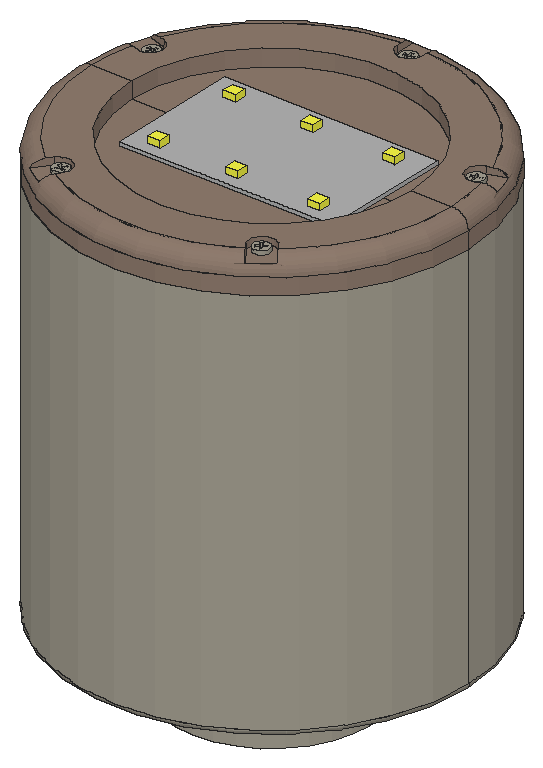
Revit family "LTV71", category Lighting Fixtures, host Face, Revit 2014
Parameters (values of type "LTV767NF/6L3KUV/NB")
  White Surface = Paint - Hubbell - White Texture
  Wattage Comments = "11W"
  Wattage = 11 W
  built-in parameter 1150110 = 1 (stored number, unit not read)
  Voltage = "120 to 277V"
  URL = "https://www.hubbell.com/hubbelllightingci/en/"
  Type Comments = "Lighting Fixture"  # constant formula
  built-in parameter 1114217 = 1 (stored number, unit not read)
  Tilt Angle = -90.00°
  built-in parameter 1150109 = 1 (stored number, unit not read)
  built-in parameter 1150134 = 3
  built-in parameter 1150113 = 1 (stored number, unit not read)
  Specification = "Energy efficient LED models\r\nBrass or aluminum housing for durability\r\nHex cell louver and prismatic spread lens options"  # constant formula
  Series = "In-grade/ Landscape "  # constant formula
  Product Page = "https://www.hubbell.com/hubbelllightingci/en/Products/Lighting-Controls/Commercial-Outdoor-Lighting/In-Grade/In-Grade-Minivault/p/248531"
  Power Factor = 1  # constant formula
  Photometric Web File = "ltv767nf-6led.ies"
  OmniClass Title = "Buried Uplights"  # constant formula
  OmniClass Number = "23-80 70 14 11 21"  # constant formula
  Number of Poles = 1
  Note Visible = yes
  Note Text = "LF"  # constant formula
  Model = "LTV767NF/6L3KUV/NB"  # constant formula
  Manufacturer = "KIM Lighting"  # constant formula
  built-in parameter 1150105 = 87.535 (stored number, unit not read)
  Lumens = 1100 lm
  built-in parameter 1150115 = 1 (stored number, unit not read)
  built-in parameter 1150137 = (empty or 0)
  built-in parameter 1150139 = (empty or 0)
  Lens Ring Material = Metal-Kim Lighting-Bronze
  built-in parameter 1150112 = 1 (stored number, unit not read)
  built-in parameter 1150114 = 1 (stored number, unit not read)
  Lamp = "LED"
  LED = Default Light Source
  built-in parameter 1150132 = (empty or 0)
  built-in parameter 1150102 = (empty or 0)
  built-in parameter 1150107 = 3200 (stored number, unit not read)
  built-in parameter 1150138 = (empty or 0)
  built-in parameter 1150106 = 0.87535 (stored number, unit not read)
  Emit from Circle Diameter = 5.000"
  Emit Shape Visible in Rendering = no
  Diameter = 6.000"
  Contact us = "https://www.hubbell.com/hubbelllightingci/en/contactUs?productId=248531"
  Composite Housing material = Plastic-Kim Lighting-Fiberglass
  Glass Material = Glass-Kim Lighting-Clear
  Full Load Current = 11 A
  Frequency = 60 Hz
  Finish = "Cast Bronze, Natural Finish"  # constant formula
  built-in parameter 1150104 = 9.2903 (stored number, unit not read)
  Dimming Lamp Color Temperature Shift = <None>
  Description = "Minivault incorporates more than 50 years of in-grade experience into every luminaire. A commitment to produce the most durable product possible is the core of the series, which now includes new low wattage pulse start metal halide lamps and LEDs expanding into residential applications."  # constant formula
  Default Elevation = 0.000"
  Color Filter = 16777215
  built-in parameter 1114218 = 1 (stored number, unit not read)
  built-in parameter 1150133 = 10 (stored number, unit not read)
  Assembly Code = "D5020200"
  Apparent Load = 11 VA
Reference planes (in)
  plane 1 "Center (Front/Back)": y = 0
  plane 2: z = 0
  plane 3 "Center (Left/Right)": x = 0
  plane 4 "Bot of Lamp": z = -7.03125
  plane 5 "Top of Lamp": z = 0.75
  plane 6: z = -2
  plane 7: z = -2.5
  plane 8: z = 0.5
  plane 9: z = 0.25
  plane 10: x = 3
  plane 11: x = -3
  plane 12: y = 3
  plane 13: y = -3
Forms (in)
  Revolve 1, solid, material "Plastic-Kim Lighting-Fiberglass" <- "Composite Housing material"
    sketch origin (0, 0, 0) x (1, 0, 0) y (0, 0, 1)
      loop
        line (0, -7.03125) -> (1.5, -7.03125) -> (1.5, -6.14386)
        arc (1.5, -6.14386) -> (1.53298, -6.06423) -> (1.61261, -6.03125) r 0.11261
        line (1.61261, -6.03125) -> (2.91051, -6.03125)
        arc (2.91051, -6.03125) -> (2.97379, -6.00504) -> (3, -5.94176) r 0.08949
        line (3, -5.94176) -> (3, 0) -> (0, 0) -> (0, -7.03125)
      axis (0, 0) -> (0, -7.03125)
    angle from 0 to 360
  Revolve 2, solid, material "Metal-Kim Lighting-Bronze" <- "Lens Ring Material"
    sketch origin (0, 0, 0) x (1, 0, 0) y (0, 0, 1)
      loop
        line (0, 0) -> (3, 0) -> (3, 0.25)
        arc (3, 0.25) -> (2.92678, 0.42678) -> (2.75, 0.5) r 0.25
        line (2.75, 0.5) -> (2.13697, 0.5) -> (2.13697, 0.25) -> (0, 0.25) -> (0, 0)
      axis (0, 0.5) -> (0, 0)
    angle from 0 to 360
  Extrusion 3, solid, material "Default Light Source" <- "LED"
    sketch origin (0, 0, 0) x (1, 0, 0) y (0, 1, 0)
      loop
        line (-1.25669, 0.81898) -> (-1.25669, 0.64411) -> (-1.07118, 0.64411) -> (-1.07118, 0.81898) -> (-1.25669, 0.81898)
      loop
        line (-0.07439, 0.81898) -> (-0.07439, 0.64411) -> (0.11112, 0.64411) -> (0.11112, 0.81898) -> (-0.07439, 0.81898)
      loop
        line (1.17561, 0.81898) -> (1.17561, 0.64411) -> (1.36112, 0.64411) -> (1.36112, 0.81898) -> (1.17561, 0.81898)
      loop
        line (-1.25669, -0.61704) -> (-1.25669, -0.79191) -> (-1.07118, -0.79191) -> (-1.07118, -0.61704) -> (-1.25669, -0.61704)
      loop
        line (-0.07439, -0.61704) -> (-0.07439, -0.79191) -> (0.11112, -0.79191) -> (0.11112, -0.61704) -> (-0.07439, -0.61704)
      loop
        line (1.17561, -0.61704) -> (1.17561, -0.79191) -> (1.36112, -0.79191) -> (1.36112, -0.61704) -> (1.17561, -0.61704)
    from 0.25 to 0.40246
  Revolve 4, solid, material "Glass-Kim Lighting-Clear" <- "Glass Material", detail levels coarse
    sketch origin (0, 0, 0) x (1, 0, 0) y (0, 0, 1)
      loop
        line (0, 0.5) -> (0, 0.45465) -> (2.13697, 0.45465) -> (2.13697, 0.5) -> (0, 0.5)
      axis (0, 0.5) -> (0, 0.45465)
    angle from 0 to 360
  Extrusion 5, void
    sketch origin (0, 0, 0) x (1, 0, 0) y (0, 1, 0)
      loop
        line (-0.20716, 3.08294) -> (-0.20716, 2.64544)
        arc (-0.20716, 2.64544) -> (-0.00972, 2.448) -> (0.18772, 2.64544) r 0.19744
        line (0.18772, 2.64544) -> (0.18772, 3.08294) -> (-0.20716, 3.08294)
      loop
        line (2.86803, 1.1497) -> (2.45195, 1.0145)
        arc (2.45195, 1.0145) -> (2.32518, 0.76571) -> (2.57397, 0.63895) r 0.19744
        line (2.57397, 0.63895) -> (2.99006, 0.77414) -> (2.86803, 1.1497)
      loop
        line (1.9797, -2.37239) -> (1.72254, -2.01844)
        arc (1.72254, -2.01844) -> (1.44676, -1.97476) -> (1.40308, -2.25055) r 0.19744
        line (1.40308, -2.25055) -> (1.66023, -2.60449) -> (1.9797, -2.37239)
      loop
        line (-1.64451, -2.61591) -> (-1.38736, -2.26197)
        arc (-1.38736, -2.26197) -> (-1.43104, -1.98618) -> (-1.70682, -2.02986) r 0.19744
        line (-1.70682, -2.02986) -> (-1.96398, -2.38381) -> (-1.64451, -2.61591)
      loop
        line (-2.86803, 1.1497) -> (-2.99006, 0.77414) -> (-2.57397, 0.63895)
        arc (-2.57397, 0.63895) -> (-2.32518, 0.76571) -> (-2.45195, 1.0145) r 0.19744
        line (-2.45195, 1.0145) -> (-2.86803, 1.1497)
    from 0.40246 to 0.5
  Extrusion 6, solid, material "Plastic-Kim Lighting-Fiberglass" <- "Composite Housing material"
    sketch origin (0, 0, 0) x (1, 0, 0) y (0, 1, 0)
      loop
        circle (0, 2.60287) r 0.12075
      loop
        line (-0.0162, 2.67726) -> (-0.0162, 2.62053) -> (-0.07292, 2.62053) -> (-0.07292, 2.58166) -> (-0.0162, 2.58166) -> (-0.0162, 2.52494) -> (0.02267, 2.52494) -> (0.02267, 2.58166) -> (0.0794, 2.58166) -> (0.0794, 2.62053) -> (0.02267, 2.62053) -> (0.02267, 2.67726) -> (-0.0162, 2.67726)
    from 0.40246 to 0.45465
  Extrusion 7, solid, material "Plastic-Kim Lighting-Fiberglass" <- "Composite Housing material"
    sketch origin (0, 0, 0) x (0.309017, -0.951057, 0) y (0.951057, 0.309017, 0)
      loop
        circle (0, 2.60287) r 0.12075
      loop
        line (-0.0162, 2.67726) -> (-0.0162, 2.62053) -> (-0.07292, 2.62053) -> (-0.07292, 2.58166) -> (-0.0162, 2.58166) -> (-0.0162, 2.52494) -> (0.02267, 2.52494) -> (0.02267, 2.58166) -> (0.0794, 2.58166) -> (0.0794, 2.62053) -> (0.02267, 2.62053) -> (0.02267, 2.67726) -> (-0.0162, 2.67726)
    from 0.40246 to 0.45465
  Extrusion 8, solid, material "Plastic-Kim Lighting-Fiberglass" <- "Composite Housing material"
    sketch origin (0, 0, 0) x (-0.809017, -0.587785, 0) y (0.587785, -0.809017, 0)
      loop
        circle (0, 2.60287) r 0.12075
      loop
        line (-0.0162, 2.67726) -> (-0.0162, 2.62053) -> (-0.07292, 2.62053) -> (-0.07292, 2.58166) -> (-0.0162, 2.58166) -> (-0.0162, 2.52494) -> (0.02267, 2.52494) -> (0.02267, 2.58166) -> (0.0794, 2.58166) -> (0.0794, 2.62053) -> (0.02267, 2.62053) -> (0.02267, 2.67726) -> (-0.0162, 2.67726)
    from 0.40246 to 0.45465
  Extrusion 9, solid, material "Plastic-Kim Lighting-Fiberglass" <- "Composite Housing material"
    sketch origin (0, 0, 0) x (-0.809017, 0.587785, 0) y (-0.587785, -0.809017, 0)
      loop
        circle (0, 2.60287) r 0.12075
      loop
        line (-0.0162, 2.67726) -> (-0.0162, 2.62053) -> (-0.07292, 2.62053) -> (-0.07292, 2.58166) -> (-0.0162, 2.58166) -> (-0.0162, 2.52494) -> (0.02267, 2.52494) -> (0.02267, 2.58166) -> (0.0794, 2.58166) -> (0.0794, 2.62053) -> (0.02267, 2.62053) -> (0.02267, 2.67726) -> (-0.0162, 2.67726)
    from 0.40246 to 0.45465
  Extrusion 10, solid, material "Plastic-Kim Lighting-Fiberglass" <- "Composite Housing material"
    sketch origin (0, 0, 0) x (-0.309017, -0.951057, 0) y (0.951057, -0.309017, 0)
      loop
        circle (0, -2.60287) r 0.12075
      loop
        line (-0.0162, -2.67726) -> (0.02267, -2.67726) -> (0.02267, -2.62053) -> (0.0794, -2.62053) -> (0.0794, -2.58166) -> (0.02267, -2.58166) -> (0.02267, -2.52494) -> (-0.0162, -2.52494) -> (-0.0162, -2.58166) -> (-0.07292, -2.58166) -> (-0.07292, -2.62053) -> (-0.0162, -2.62053) -> (-0.0162, -2.67726)
    from 0.40246 to 0.45465
  Extrusion 11, solid, material "Paint - Hubbell - White Texture" <- "White Surface"
    sketch origin (0, 0, 0) x (1, 0, 0) y (0, 1, 0)
      loop
        line (-1.53933, 1.03072) -> (-1.53933, -0.96928) -> (1.71067, -0.96928) -> (1.71067, 1.03072) -> (-1.53933, 1.03072)
    from 0.25 to 0.31029
Cuts and joins
  Extrusion 5 cuts Revolve 1
  Extrusion 5 cuts Revolve 2
Lines and regions (in)
  Masking region 1, detail levels coarse
    outline origin (0, 0, 0) x (0, 1, 0) y (0, 0, 1)
      loop
        line (4.5, 0.75) -> (-4.5, 0.75) -> (-4.5, -7.03125) -> (4.5, -7.03125) -> (4.5, 0.75)
  Masking region 2, detail levels medium+fine
    outline origin (0, 0, 0) x (0, 1, 0) y (0, 0, 1)
      loop
        line (4.5, 0.75) -> (-4.5, 0.75) -> (-4.5, 0) -> (-4.56513, -0.78065) -> (-4.487, -0.78065) -> (-4.90686, -2) -> (-5.05959, -2) -> (-5.05959, -2.5) -> (-4.56762, -2.5) -> (-4.33142, -4.21753) -> (-2.93669, -4.38203) -> (-2.93669, -5.09803) -> (-2, -5.09803) -> (-2, -7.03125) -> (2, -7.03125) -> (2, -5.09803) -> (2.93669, -5.09803) -> (2.93669, -4.38203) -> (4.33142, -4.21753) -> (4.56762, -2.5) -> (5.05959, -2.5) -> (5.05959, -2) -> (4.90686, -2) -> (4.487, -0.78065) -> (4.56513, -0.78065) -> (4.5, 0) -> (4.5, 0.75)
  Masking region 3, detail levels fine
    outline origin (0, 0, 0) x (0, 1, 0) y (0, 0, 1)
      loop
        line (0.5, -8.03125) -> (1.5, -8.03125) -> (1.5, -7.03125) -> (0.5, -7.03125) -> (0.5, -8.03125)
  symbolic lines
    curve 1: arc (3, 0, 0) -> (0, 3, 0) -> (-3, 0, 0) r 3
    curve 2: arc (-3, 0, 0) -> (0, -3, 0) -> (3, 0, 0) r 3
  symbolic lines, detail levels medium+fine
    curve 3: arc (-2.3, 0, 0) -> (0, 2.3, 0) -> (2.3, 0, 0) r 2.3
    curve 4: arc (2.3, 0, 0) -> (0, -2.3, 0) -> (-2.3, 0, 0) r 2.3
  symbolic lines, detail levels fine
    curve 5: circle (0, 2.6317, 0) r 0.1875 normal (0, 0, -1)
    curve 8: line (0, 4.5, 0) -> (0, -4.5, 0)
    curve 9: line (0, 4.487, -0.78065) -> (0, -4.487, -0.78065)
    curve 10: line (0, 4.90686, -2) -> (0, -4.90686, -2)
    curve 11: line (0, 4.56762, -2.5) -> (0, -4.56762, -2.5)
    curve 12: line (0, 3.89346, -2.5) -> (0, 3.89346, -3.8512)
    curve 13: line (0, 3.89346, -3.8512) -> (0, 0.0625, -3.8512)
    curve 14: line (0, -3.89346, -3.8512) -> (0, -3.89346, -2.5)
    curve 15: line (0, 2.93669, -4.38203) -> (0, 2.93669, -3.8512)
    curve 16: line (0, -2.93669, -4.38203) -> (0, -2.93669, -3.8512)
    curve 17: line (0, 1.93669, -5.09803) -> (0, -1.93669, -5.09803)
    curve 18: line (0, 2.93669, -4.56678) -> (0, 1.93669, -4.56678)
    curve 19: line (0, 1.93669, -4.56678) -> (0, 1.93669, -5.09803)
    curve 20: line (0, -2.93669, -4.56678) -> (0, -1.93669, -4.56678)
    curve 21: line (0, -1.93669, -4.56678) -> (0, -1.93669, -5.09803)
    curve 22: line (0, 0.0625, -2.5) -> (0, 0.0625, -4.38203)
    curve 23: line (0, 0.0625, -4.38203) -> (0, -0.0625, -4.38203)
    curve 24: line (0, -0.0625, -4.38203) -> (0, -0.0625, -2.5)
    curve 25: line (0, -0.0625, -3.8512) -> (0, -3.89346, -3.8512)
    curve 26: line (0, 1.69096, -5.09803) -> (0, 1.69096, -5.83415)
    curve 27: line (0, 1.69096, -5.83415) -> (0, 1.06013, -5.83415)
    curve 28: line (0, 1.06013, -5.83415) -> (0, 1.06013, -5.09803)
    curve 29: line (0, -1.06013, -5.09803) -> (0, -1.06013, -5.83415)
    curve 30: line (0, -1.06013, -5.83415) -> (0, -1.70555, -5.83415)
    curve 31: line (0, -1.70555, -5.83415) -> (0, -1.70555, -5.09803)
    curve 32: circle (2.5029, 0.81324, 0) r 0.1875 normal (0, 0, -1)
    curve 33: circle (1.54688, -2.12909, 0) r 0.1875 normal (0, 0, -1)
    curve 34: circle (-1.54688, -2.12909, 0) r 0.1875 normal (0, 0, -1)
    curve 35: circle (-2.5029, 0.81324, 0) r 0.1875 normal (0, 0, 1)
    curve 36: line (0, 0, -7.03125) -> (1.5, 0, -7.03125)
    curve 37: line (1.5, 0, -7.03125) -> (1.5, 0, -6.14386)
    curve 38: line (1.61261, 0, -6.03125) -> (2.91051, 0, -6.03125)
    curve 39: line (3, 0, -5.94176) -> (3, 0, 0)
    curve 40: line (3, 0, 0) -> (3, 0, 0.25)
    curve 41: line (3, 0, 0.25) -> (3, 0, 0.5)
    curve 42: line (3, 0, 0.5) -> (3, 0, 0.53685)
    curve 43: arc (3, 0, 0.53685) -> (2.94672, 0, 0.66547) -> (2.8181, 0, 0.71875) r 0.1819
    curve 44: arc (1.5, 0, -6.14386) -> (1.53298, 0, -6.06423) -> (1.61261, 0, -6.03125) r 0.11261
    curve 45: arc (2.91051, 0, -6.03125) -> (2.97379, 0, -6.00504) -> (3, 0, -5.94176) r 0.08949
    curve 46: arc (0, 0, 0.75) -> (1.28132, 0, 0.73442) -> (2.56061, 0, 0.66058) r 28.1719
    curve 47: arc (2.56061, 0, 0.66058) -> (2.69379, 0, 0.67004) -> (2.8181, 0, 0.71875) r 0.44296
    curve 48: line (0, 0, -7.03125) -> (-1.5, 0, -7.03125)
    curve 49: line (-1.5, 0, -7.03125) -> (-1.5, 0, -6.14386)
    curve 50: line (-1.61261, 0, -6.03125) -> (-2.91051, 0, -6.03125)
    curve 51: line (-3, 0, -5.94176) -> (-3, 0, 0)
    curve 52: line (-3, 0, 0) -> (-3, 0, 0.25)
    curve 53: line (-3, 0, 0.25) -> (-3, 0, 0.5)
    curve 54: line (-3, 0, 0.5) -> (-3, 0, 0.53685)
    curve 55: arc (-3, 0, 0.53685) -> (-2.94672, 0, 0.66547) -> (-2.8181, 0, 0.71875) r 0.1819
    curve 56: arc (-1.5, 0, -6.14386) -> (-1.53298, 0, -6.06423) -> (-1.61261, 0, -6.03125) r 0.11261
    curve 57: arc (-2.91051, 0, -6.03125) -> (-2.97379, 0, -6.00504) -> (-3, 0, -5.94176) r 0.08949
    curve 58: arc (0, 0, 0.75) -> (-1.28132, 0, 0.73442) -> (-2.56061, 0, 0.66058) r 28.1719
    curve 59: arc (-2.56061, 0, 0.66058) -> (-2.69379, 0, 0.67004) -> (-2.8181, 0, 0.71875) r 0.44296
  symbolic lines, detail levels coarse
    curve 6: line (0, 4.5, 0.75) -> (0, -4.5, -7.03125)
    curve 7: line (0, 4.5, -7.03125) -> (0, -4.5, 0.75)
Dimensions and locks (in)
  level to plane 4 "Bot of Lamp" = 7.03125"
  locked: plane 5 "Top of Lamp" to level at 0.75
  locked: level to plane 6 at 2
  locked: level to plane 7 at 2.5
  locked: plane 9 to plane 2 at 0.25
  locked: plane 8 to plane 2 at 0.5
  "Diameter": plane 11 to plane 10
  aligned and locked: plane 2 to host face
  aligned and locked: level to host face
  aligned and locked: imposter light to plane 3 "Center (Left/Right)"
  aligned and locked: nested 1 to imposter light
  aligned and locked: plane 5 "Top of Lamp" to imposter light
  aligned and locked: plane 4 "Bot of Lamp" to Masking region 1 sketch curve
  aligned and locked: Masking region 1 sketch curve to plane 5 "Top of Lamp"
Automatic sketch dimensions
  curve 1 to curve 2 = 0.000"  (x2)
  curve 1 to curve 3 = 0.000"  (x2)
  curve 1 to curve 4 = 0.000"  (x2)
  curve 2 to curve 3 = 0.000"  (x2)
  curve 2 to curve 4 = 0.000"  (x2)
  curve 3 to curve 4 = 0.000"  (x2)
  plane 1 "Center (Front/Back)" to curve 2 = 0.000"
  curve 2 to plane 11 = 0.000"
  curve 3 to plane 3 "Center (Left/Right)" = 0.000"
  curve 5 to plane 3 "Center (Left/Right)" = 0.000"
  plane 11 to curve 35 = 0.4971"
  plane 11 to curve 34 = 1.45312"
  curve 33 to plane 10 = 1.45312"
  curve 32 to plane 10 = 0.4971"
  curve 34 to plane 13 = 0.87091"
  curve 33 to plane 13 = 0.87091"
  curve 35 to plane 1 "Center (Front/Back)" = 0.81324"
  curve 32 to plane 1 "Center (Front/Back)" = 0.81324"
  plane 12 to curve 5 = 0.3683"
  plane 11 to curve 4 = 0.700"
  curve 10 to plane 6 = 0.000"
  curve 11 to plane 7 = 0.000"
  curve 7 to plane 5 "Top of Lamp" = 0.000"
  curve 8 to level = 0.000"
  curve 6 to plane 4 "Bot of Lamp" = 0.000"
  curve 7 to plane 4 "Bot of Lamp" = 0.000"
  curve 6 to plane 5 "Top of Lamp" = 0.000"
  plane 13 to curve 25 = 0.89346"
  curve 21 to plane 13 = 1.06331"
  curve 17 to curve 30 = 0.23114"
  curve 30 to curve 30 = 0.64542"
  plane 1 "Center (Front/Back)" to curve 24 = 0.0625"
  curve 22 to plane 1 "Center (Front/Back)" = 0.0625"
  curve 28 to plane 1 "Center (Front/Back)" = 1.06013"
  curve 27 to curve 26 = 0.63084"
  curve 26 to curve 17 = 0.24572"
  curve 13 to plane 12 = 0.89346"
  plane 4 "Bot of Lamp" to curve 26 = 1.1971"
  plane 4 "Bot of Lamp" to curve 31 = 1.1971"
  curve 30 to curve 21 = 0.73612"
  curve 17 to curve 19 = 0.53125"
  curve 17 to curve 21 = 0.53125"
  curve 29 to curve 24 = 0.716"
  curve 18 to curve 13 = 0.71558"
  curve 20 to curve 25 = 0.71558"
  plane 13 to curve 9 = 1.487"
  plane 13 to curve 6 = 1.500"
  curve 8 to curve 9 = 0.013"
  curve 7 to curve 8 = 0.000"
  curve 11 to curve 14 = 0.67415"
  curve 10 to curve 11 = 0.33924"
  curve 20 to plane 13 = 0.06331"
  curve 16 to plane 13 = 0.06331"
  plane 12 to curve 15 = 0.06331"
  plane 12 to curve 18 = 0.06331"
  curve 9 to plane 12 = 1.487"
  curve 7 to plane 12 = 1.500"
  curve 6 to plane 12 = 1.500"
  curve 8 to curve 6 = 0.000"
  curve 12 to curve 11 = 0.67415"
  curve 11 to curve 10 = 0.33924"
  curve 20 to curve 16 = 0.18475"
  curve 18 to curve 15 = 0.18475"
  curve 9 to level = 0.78065"
  host sketch curve to host sketch curve = 96.000"  (x2)
  curve 54 to plane 11 = 0.000"
  curve 49 to plane 4 "Bot of Lamp" = 0.000"
  curve 46 to plane 3 "Center (Left/Right)" = 0.000"
  curve 48 to plane 3 "Center (Left/Right)" = 0.000"
  curve 40 to level = 0.000"
  curve 40 to plane 10 = 0.000"
  curve 51 to level = 0.000"
  curve 41 to plane 9 = 0.000"
  curve 53 to plane 9 = 0.000"
  curve 54 to plane 8 = 0.000"
  curve 42 to plane 8 = 0.000"
  curve 46 to plane 5 "Top of Lamp" = 0.000"
  plane 11 to curve 50 = 0.08949"
  plane 8 to curve 55 = 0.03685"
  plane 11 to curve 55 = 0.1819"
  plane 11 to curve 59 = 0.40382"
  curve 57 to curve 56 = 1.2979"
  curve 56 to curve 49 = 0.11261"
  curve 58 to plane 3 "Center (Left/Right)" = 0.29814"
  plane 3 "Center (Left/Right)" to curve 46 = 0.29814"
  plane 3 "Center (Left/Right)" to curve 37 = 1.500"
  curve 44 to curve 38 = 0.11261"
  curve 47 to plane 10 = 0.40382"
  plane 8 to curve 43 = 0.03685"
  curve 43 to plane 10 = 0.1819"
  curve 38 to plane 10 = 0.08949"
  curve 46 to plane 4 "Bot of Lamp" = 20.38907"
  curve 58 to curve 46 = 0.000"
  curve 36 to curve 37 = 0.88739"
  plane 4 "Bot of Lamp" to curve 56 = 0.88739"
  plane 5 "Top of Lamp" to curve 47 = 0.35211"
  plane 5 "Top of Lamp" to curve 59 = 0.35211"
  plane 13 to Masking region 1 sketch curve = 1.500"
  Masking region 1 sketch curve to plane 12 = 1.500"
  Masking region 2 sketch curve to plane 6 = 0.000"  (x2)
  Masking region 2 sketch curve to plane 7 = 0.000"  (x2)
  Masking region 2 sketch curve to plane 5 "Top of Lamp" = 0.000"
  Masking region 2 sketch curve to level = 0.000"  (x2)
  Masking region 2 sketch curve to plane 4 "Bot of Lamp" = 0.000"
  plane 13 to Masking region 2 sketch curve = 2.05959"
  Masking region 2 sketch curve to Masking region 2 sketch curve = 0.15273"
  Masking region 2 sketch curve to Masking region 2 sketch curve = 0.49198"  (x2)
  Masking region 2 sketch curve to level = 0.78065"  (x2)
  Masking region 2 sketch curve to Masking region 2 sketch curve = 0.34172"
  plane 13 to Masking region 2 sketch curve = 1.500"
  Masking region 2 sketch curve to Masking region 2 sketch curve = 0.07813"  (x2)
  plane 13 to Masking region 2 sketch curve = 1.33142"
  Masking region 2 sketch curve to plane 13 = 0.06331"
  Masking region 2 sketch curve to Masking region 2 sketch curve = 0.93669"
  plane 12 to Masking region 2 sketch curve = 1.000"
  plane 12 to Masking region 2 sketch curve = 0.06331"
  Masking region 2 sketch curve to plane 12 = 1.33142"
  Masking region 2 sketch curve to plane 12 = 1.487"
  Masking region 2 sketch curve to Masking region 2 sketch curve = 0.013"
  Masking region 2 sketch curve to plane 12 = 1.56762"
  Masking region 2 sketch curve to Masking region 2 sketch curve = 0.33924"
  plane 4 "Bot of Lamp" to Masking region 2 sketch curve = 1.93322"  (x2)
  Masking region 2 sketch curve to Masking region 2 sketch curve = 0.716"  (x2)
  Masking region 2 sketch curve to Masking region 2 sketch curve = 0.1645"  (x2)
  Masking region 3 sketch curve to plane 4 "Bot of Lamp" = 0.000"
  Masking region 3 sketch curve to plane 1 "Center (Front/Back)" = 0.500"
  Masking region 3 sketch curve to Masking region 3 sketch curve = 1.000"  (x2)
  Revolve 1 sketch curve to plane 3 "Center (Left/Right)" = 0.000"  (x2)
  Revolve 1 sketch curve to plane 4 "Bot of Lamp" = 0.000"
  Revolve 1 sketch curve to plane 10 = 0.000"
  Revolve 1 sketch curve to level = 0.000"
  plane 4 "Bot of Lamp" to Revolve 1 sketch curve = 0.88739"
  plane 3 "Center (Left/Right)" to Revolve 1 sketch curve = 1.500"
  Revolve 1 sketch curve to Revolve 1 sketch curve = 0.11261"
  Revolve 1 sketch curve to plane 10 = 0.08949"
  Revolve 1 sketch curve to plane 4 "Bot of Lamp" = 4.21875"
  plane 5 "Top of Lamp" to Revolve 1 sketch curve = 12.000"
  Revolve 2 sketch curve to plane 3 "Center (Left/Right)" = 0.000"  (x2)
  Revolve 2 sketch curve to level = 0.000"
  Revolve 2 sketch curve to plane 9 = 0.000"  (x2)
  Revolve 2 sketch curve to plane 8 = 0.000"
  Revolve 2 sketch curve to plane 10 = 0.000"
  Revolve 2 sketch curve to Revolve 2 sketch curve = 0.61303"
  Revolve 2 sketch curve to plane 7 = 1.28125"
  plane 5 "Top of Lamp" to Revolve 2 sketch curve = 2.46875"
  Extrusion 3 sketch curve to plane 3 "Center (Left/Right)" = 1.25669"  (x2)
  Extrusion 3 sketch curve to Extrusion 3 sketch curve = 0.18551"  (x4)
  Extrusion 3 sketch curve to plane 3 "Center (Left/Right)" = 0.07439"  (x2)
  plane 3 "Center (Left/Right)" to Extrusion 3 sketch curve = 0.11112"  (x2)
  Extrusion 3 sketch curve to Extrusion 3 sketch curve = 1.06449"  (x2)
  plane 1 "Center (Front/Back)" to Extrusion 3 sketch curve = 0.79191"  (x3)
  Extrusion 3 sketch curve to Extrusion 3 sketch curve = 0.17487"  (x6)
  Extrusion 3 sketch curve to plane 1 "Center (Front/Back)" = 0.64411"  (x3)
  Revolve 4 sketch curve to plane 3 "Center (Left/Right)" = 0.000"  (x2)
  Revolve 4 sketch curve to plane 8 = 0.000"
  Revolve 4 sketch curve to plane 10 = 0.86303"
  Revolve 4 sketch curve to plane 8 = 0.04535"
  Revolve 4 sketch curve to plane 4 "Bot of Lamp" = 4.21875"
  plane 5 "Top of Lamp" to Revolve 4 sketch curve = 12.000"
  plane 11 to Extrusion 5 sketch curve = 0.00994"
  plane 11 to Extrusion 5 sketch curve = 0.13197"
  plane 11 to Extrusion 5 sketch curve = 0.42603"
  Extrusion 5 sketch curve to Extrusion 5 sketch curve = 0.06101"  (x4)
  plane 11 to Extrusion 5 sketch curve = 1.03602"
  Extrusion 5 sketch curve to Extrusion 5 sketch curve = 0.25716"  (x2)
  Extrusion 5 sketch curve to plane 13 = 0.38409"
  Extrusion 5 sketch curve to Extrusion 5 sketch curve = 0.31947"
  Extrusion 5 sketch curve to Extrusion 5 sketch curve = 0.15973"  (x4)
  Extrusion 5 sketch curve to plane 13 = 0.73803"
  Extrusion 5 sketch curve to plane 12 = 0.08294"
  Extrusion 5 sketch curve to plane 3 "Center (Left/Right)" = 0.20716"
  Extrusion 5 sketch curve to plane 3 "Center (Left/Right)" = 0.00972"
  plane 3 "Center (Left/Right)" to Extrusion 5 sketch curve = 1.40308"
  Extrusion 5 sketch curve to plane 13 = 0.39551"
  Extrusion 5 sketch curve to plane 13 = 0.98156"
  Extrusion 5 sketch curve to plane 13 = 0.62761"
  Extrusion 5 sketch curve to plane 10 = 0.54805"
  Extrusion 5 sketch curve to plane 10 = 0.13197"
  Extrusion 5 sketch curve to plane 10 = 0.00994"
  Extrusion 5 sketch curve to plane 1 "Center (Front/Back)" = 0.63895"  (x2)
  Extrusion 5 sketch curve to Extrusion 5 sketch curve = 0.13519"  (x2)
  plane 12 to Extrusion 5 sketch curve = 0.35456"
  Extrusion 6 sketch curve to plane 3 "Center (Left/Right)" = 0.000"
  Extrusion 6 sketch curve to plane 3 "Center (Left/Right)" = 0.0162"  (x2)
  Extrusion 6 sketch curve to Extrusion 6 sketch curve = 0.05673"  (x4)
  plane 3 "Center (Left/Right)" to Extrusion 6 sketch curve = 0.02267"  (x2)
  plane 12 to Extrusion 6 sketch curve = 0.47506"
  Extrusion 6 sketch curve to Extrusion 6 sketch curve = 0.000"
  Extrusion 6 sketch curve to Extrusion 6 sketch curve = 0.02121"
  Extrusion 6 sketch curve to Extrusion 6 sketch curve = 0.03887"  (x2)
  Extrusion 7 sketch curve to plane 10 = 0.53026"
  Extrusion 7 sketch curve to plane 1 "Center (Front/Back)" = 0.87914"
  Extrusion 7 sketch curve to Extrusion 7 sketch curve = 0.05673"  (x5)
  Extrusion 7 sketch curve to Extrusion 7 sketch curve = 0.0162"
  Extrusion 7 sketch curve to Extrusion 7 sketch curve = 0.03887"  (x4)
  Extrusion 7 sketch curve to Extrusion 7 sketch curve = 0.000"
  Extrusion 7 sketch curve to Extrusion 7 sketch curve = 0.01766"
  Extrusion 8 sketch curve to plane 13 = 0.92281"
  Extrusion 8 sketch curve to plane 10 = 1.40069"
  Extrusion 8 sketch curve to Extrusion 8 sketch curve = 0.05673"  (x5)
  Extrusion 8 sketch curve to Extrusion 8 sketch curve = 0.0162"
  Extrusion 8 sketch curve to Extrusion 8 sketch curve = 0.03887"  (x4)
  Extrusion 8 sketch curve to Extrusion 8 sketch curve = 0.000"
  Extrusion 8 sketch curve to Extrusion 8 sketch curve = 0.01766"
  Extrusion 9 sketch curve to plane 13 = 0.83708"
  Extrusion 9 sketch curve to plane 3 "Center (Left/Right)" = 1.48131"
  Extrusion 9 sketch curve to Extrusion 9 sketch curve = 0.05673"  (x5)
  Extrusion 9 sketch curve to Extrusion 9 sketch curve = 0.0162"
  Extrusion 9 sketch curve to Extrusion 9 sketch curve = 0.03887"  (x4)
  Extrusion 9 sketch curve to Extrusion 9 sketch curve = 0.000"
  Extrusion 9 sketch curve to Extrusion 9 sketch curve = 0.01766"
  Extrusion 10 sketch curve to plane 11 = 0.53026"
  plane 1 "Center (Front/Back)" to Extrusion 10 sketch curve = 0.87914"
  Extrusion 10 sketch curve to Extrusion 10 sketch curve = 0.05673"  (x5)
  Extrusion 10 sketch curve to Extrusion 10 sketch curve = 0.0162"
  Extrusion 10 sketch curve to Extrusion 10 sketch curve = 0.03887"  (x4)
  Extrusion 10 sketch curve to Extrusion 10 sketch curve = 0.000"
  Extrusion 10 sketch curve to Extrusion 10 sketch curve = 0.01766"
  plane 11 to Extrusion 11 sketch curve = 1.46067"
  Extrusion 11 sketch curve to plane 10 = 1.28933"
  plane 1 "Center (Front/Back)" to Extrusion 11 sketch curve = 0.96928"
  Extrusion 11 sketch curve to plane 1 "Center (Front/Back)" = 1.03072"
  radius of curve 5 = 0.1875"
  radius of curve 32 = 0.1875"
  radius of curve 33 = 0.1875"
  radius of curve 34 = 0.1875"
  radius of curve 35 = 0.1875"
  radius of Extrusion 6 sketch curve = 0.12075"
  radius of Extrusion 7 sketch curve = 0.12075"
  radius of Extrusion 8 sketch curve = 0.12075"
  radius of Extrusion 9 sketch curve = 0.12075"
  radius of Extrusion 10 sketch curve = 0.12075"
Nested families (in)
  nested 1: "Notation" at (0, 4.33469, 0), visible <- "Note Visible", type "Notation"
Connectors (in)
  electrical at (0, 0, 0), driven by "Apparent Load", driven by "Power Factor"
    settings: on Revolve 1, index 1, voltage 120 V, apparent load 11 VA, apparent load phase1 0 VA, apparent load phase2 0 VA, apparent load phase3 0 VA, power factor 1, load classification "Lighting", number of poles 1, system type 30, power factor state 1, is connector primary yes, connector utility no, sub classification motor no, connector description "Light Fixture"
Definition of nested family "Notation"
  Parameters (values of type "Notation")
    Notation = "LF"
  Reference planes (in)
    plane 1: y = 0
    plane 2: x = 0
  Text (in)
    label "Notation" at (0.02149, 0.07192, 0), shows "Notation"
